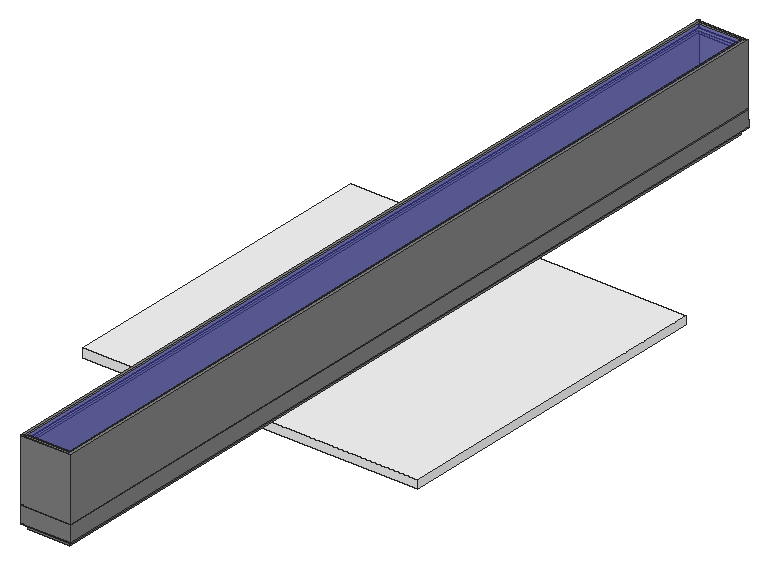
Revit family "BE_24319_de_DE", category Leuchten, Revit 2015
Parameters (values of type "BEGA_24319_Grafit_K4")
  built-in parameter 1150104 = 16.606 (stored number, unit not read)
  Wattage = 32 W
  Default Elevation = 0 mm
  built-in parameter 1150113 = 1 (stored number, unit not read)
  built-in parameter 1114218 = 1 (stored number, unit not read)
  Umgebungstemperatur = "25 °C"
  URL = "http://www.bega.de/produkt/24319"
  Typenkommentare = "© 2017 BEGA. Wir behalten uns das Recht vor, technische Änderungen ohne vorherige Ankündigung vorzunehmen."  # constant formula
  Type Image = 24319.png
  built-in parameter 1150134 = 12
  built-in parameter 1150109 = 1 (stored number, unit not read)
  Strom = ""
  built-in parameter 1150110 = 1 (stored number, unit not read)
  Spannung = 239.996 V
  Sonderanfertigung = no
  Seriennummer [instance] = "Hier können Sie die eindeutige Seriennummer für das Facility Management eintragen."
  Schutzklasse = "I"
  Schutzart = "IP 65"
  Scheinlast = 0 VA
  Produktdatenblatt = "http://www.bega.de/download/Xrfa/db/24319.db.de.pdf"
  Oberflächentemperatur = ""
  Neigungswinkel = 0.00°
  Modell = "24319K4"
  Material_17 = BEGA_Reflektor
  Material_15 = BEGA_Leuchtmedium_matt
  Material_11 = BEGA_Glas_opal
  Material_10 = BEGA_Oberfläche_Aluminium Guss
  Material_09 = BEGA_Glas_klar
  Material_06 = BEGA_Oberfläche_Edelstahl_gebürstet
  Material_03 = BEGA_Oberfläche_Weiss_matt
  Material_02 = BEGA_Oberfläche_Silber_matt
  Material_01 [instance] = BEGA_Oberfläche_Grafit_matt
  M_W = no
  M_G = yes
  M_A = no
  Logo = 0
  built-in parameter 1114217 = 1 (stored number, unit not read)
  built-in parameter 1150139 = (empty or 0)
  built-in parameter 1150105 = 455.18 (stored number, unit not read)
  built-in parameter 1150114 = 1 (stored number, unit not read)
  Lumens = 5720 lm
  built-in parameter 1150115 = 1 (stored number, unit not read)
  Leuchtenlichtstrom = "2082 lm"
  Leuchtenanzahl = ""
  Lebensdauerkriterien = "L70B50 @ 25 °C = 500000 h"
  Lastklassifizierung = Beleuchtung
  built-in parameter 1150112 = 1 (stored number, unit not read)
  Lampenlichtstrom = "5720 lm"
  Lampe = "LED 32 W"
  LED_Modulbezeichnung = "LED-0772/840"
  built-in parameter 1150142 = (empty or 0)
  Hersteller = "BEGA"  # constant formula
  Halbstreuwinkel = ""
  Gewicht = "5.4 kg"
  Gebrauchslageneinschränkung [instance] = ""
  Frequenz = "0/50-60 Hz"
  Farbwiedergabeindex = "Ra > 80"
  Farbtemperaturverschiebung bei Dämpfen der Lampe = <Keine Auswahl>
  Farbtemperatur = "4000 K"
  Color Filter = 16777215
  built-in parameter 1150133 = 10 (stored number, unit not read)
  Energieeffizienzklasse = "LED A++ - A"
  built-in parameter 1150137 = (empty or 0)
  built-in parameter 1150132 = (empty or 0)
  ENEC = ""
  Dimmbar [instance] = "DALI"
  Datei für fotometrisches Netz = "BE_24319K4.IES"
  CE_Konformität = "ja"
  Bestellnummer = "24319K4"
  Beschreibung_Sonderanfertigung = "Hier können Sie Informationen zur Sonderanfertigung eintragen."
  Beschreibung = "Decken- und Wandleuchte"
  built-in parameter 1150106 = 4.5518 (stored number, unit not read)
  Befestigungsbohrung = "Ø 7 mm"
  Befestigungsabstand = "800 mm"
  Ballwurfsicher = ""
  BEGA_Intern_aus = yes
  BEGA_Intern_an = yes
  BEGA_Intern_Konstruktion = yes
  BEGA_Intern = yes
  BEGA_IES = yes
  BEGA_Dummy = no
  Anschlussleitung = ""
  Anschlussleistung [instance] = "36 W"
  Anschlusskasten = ""
  built-in parameter 1150107 = 4000 (stored number, unit not read)
  built-in parameter 1150102 = (empty or 0)
  built-in parameter 1150138 = (empty or 0)
  Aktualisierung = "2017-06-27T04:08:34"
  Abstand_zur_angestrahlten_Fläche [instance] = ""
  AC/DC = "AC/DC"
Types (2, lengths in mm): name | built-in parameter 1150104 | built-in parameter 1150134 | Modell | built-in parameter 1150105 | Lumens | Leuchtenlichtstrom | Lampenlichtstrom | LED_Modulbezeichnung | Farbtemperatur | Datei für fotometrisches Netz | Bestellnummer | built-in parameter 1150106 | built-in parameter 1150107
  BEGA_24319_Grafit_K3 | 16.258 (stored number, unit not read) | (empty or 0) | "24319" | 445.63 (stored number, unit not read) | 5600 lm | "2038 lm" | "5600 lm" | "LED-0772/830" | "3000 K" | "BE_24319.IES" | "24319" | 4.4563 (stored number, unit not read) | 3000 (stored number, unit not read)
  BEGA_24319_Grafit_K4 | 16.606 (stored number, unit not read) | 12 | "24319K4" | 455.18 (stored number, unit not read) | 5720 lm | "2082 lm" | "5720 lm" | "LED-0772/840" | "4000 K" | "BE_24319K4.IES" | "24319K4" | 4.5518 (stored number, unit not read) | 4000 (stored number, unit not read)
Reference planes
  plane 1 "Mitte (Vorne/Hinten)": y = 0
  plane 2: z = 0
  plane 3 "Mitte (Links/Rechts)": x = 0
  plane 4 "Links": x = -30
  plane 5 "Rechts": x = 30
  plane 6 "Unten": y = -506
  plane 7 "Oben": y = 506
  plane 8 "Vorne": z = 101
  plane 9 "Hinten": z = 0
Forms (mm)
  Extrusion 1, solid, material "BEGA_Platte_Weiss"
    sketch origin (0, -1119.2, 0) x (1, 0, 0) y (0, 1, 0)
      loop
        line (-200, 1319.2) -> (-200, 919.2) -> (200, 919.2) -> (200, 1319.2) -> (-200, 1319.2)
    from 0 to -10
  Extrusion 2, solid, material "BEGA_Dummy_matt", visible <- "BEGA_Dummy"
    sketch origin (80.095, -76.023, 0) x (1, 0, 0) y (0, 1, 0)
      loop
        line (-110.095, 582.023) -> (-110.095, -429.977) -> (-50.095, -429.977) -> (-50.095, 582.023) -> (-110.095, 582.023)
    from 0 to 101
Dimensions and locks
  plane 1 "Mitte (Vorne/Hinten)" to Extrusion 1 = 200 mm
  aligned and locked: plane 2 to Extrusion 1
  aligned and locked: level to Extrusion 1
Nested families
  nested 1: "BE_24319" at (0, 0, 0) x (0, 1, 0) z (0, 0, 1), type "BE_24319"
Connectors
  electrical at (0, 0, 0), driven by "Lastklassifizierung", driven by "Spannung", driven by "Scheinlast"
    settings: index 1, voltage 239.996 V, apparent load 0 VA, apparent load phase1 0 VA, apparent load phase2 0 VA, apparent load phase3 0 VA, power factor 1, load classification "Beleuchtung", number of poles 1, system type 31, power factor state 1, is connector primary yes, connector utility no, sub classification motor no, connector description ""
Definition of nested family "BE_24319"
  Parameters (values of type "BE_24319")
    Default Elevation = 1 mm
    URL = "http://www.bega.de/de/produkt"
    Type Comments = "© 2015 BEGA. Wir behalten uns das Recht vor, technische Änderungen ohne vorherige Ankündigung vorzunehmen. "  # constant formula
    Type Image = (empty or 0)
    Neigungswinkel_um_Z2 = 0.00°
    Neigungswinkel_um_Z1 = 0.00°
    Neigungswinkel_um_Y2 = 0.00°
    Neigungswinkel_um_Y1 = 0.00°
    Neigungswinkel_um_X2 = 0.00°
    Neigungswinkel_um_X1 = 0.00°
    Material_17 = none
    Material_15 = none
    Material_11 = none
    Material_09 = none
    Material_06 = none
    Material_05 = none
    Material_03 = none
    Material_02 = none
    Material_01 = none
    M_W = yes
    M_G = yes
    M_A = yes
    Länge_Platte = 1200 mm  # constant formula
    Höhe_Platte = -10 mm  # constant formula
    Manufacturer = "BEGA"  # constant formula
    Drehwinkel_um_Z2 = 0.00°
    Drehwinkel_um_Z1 = 0.00°
    Breite_Platte = 200 mm  # constant formula
  Reference planes
    plane 1 "Mitte (Oben/Unten)": y = 0
    plane 2: z = 0
    plane 3 "Mitte (Links/Rechts)": x = 0
    plane 4: z = 101
    plane 5: y = 30
    plane 6: y = -30
    plane 7: x = -506
    plane 8: x = 506
  Forms (mm)
    Extrusion 1, solid, detail levels medium
      sketch origin (0, 0, 0) x (1, 0, 0) y (0, 1, 0)
        loop
          line (-600, 100) -> (-600, -100) -> (600, -100) -> (600, 100) -> (-600, 100)
      from 0 to -10 <- "Höhe_Platte"
    Sweep 2, solid, material <- "Material_01", detail levels medium+fine
      path origin (0, 0, 0) x (1, 0, 0) y (0, 1, 0)
        loop
          line (-506, 30) -> (-506, -30) -> (506, -30) -> (506, 30) -> (-506, 30)
      profile origin (0, 30, 0) x (0, 1, 0) y (0, 0, 1)
        loop
          line (-0.5, 101) -> (-3.044, 101) -> (-4.682, 96.5) -> (-8, 96.5) -> (-8, 94) -> (-2.8, 94) -> (-2.8, 26) -> (-0.5, 26)
          arc (-0.5, 26) -> (-0.146, 26.146) -> (0, 26.5) r 0.5
          line (0, 26.5) -> (0, 100.5)
          arc (0, 100.5) -> (-0.146, 100.854) -> (-0.5, 101) r 0.5
    Extrusion 3, solid, material <- "Material_01", detail levels medium+fine
      sketch origin (0, 0, 0) x (1, 0, 0) y (0, 0, 1)
        loop
          line (-496, 94) -> (-496, 96.5) -> (-501.8, 96.5) -> (-501.8, 94) -> (-496, 94)
        loop
          line (496, 94) -> (501.8, 94) -> (501.8, 96.5) -> (496, 96.5) -> (496, 94)
      from -22.05 to 22.05
    Extrusion 4, solid, material <- "Material_11", detail levels medium+fine
      sketch origin (0, 0, 0) x (0, 1, 0) y (0, 0, 1)
        loop
          line (25, 96.7) -> (25, 100.7) -> (-25, 100.7) -> (-25, 96.7) -> (25, 96.7)
      from -501 to 501
    Sweep 5, solid, material <- "Material_01", detail levels medium+fine
      path origin (0, 0, 0) x (1, 0, 0) y (0, 1, 0)
        loop
          line (506, 30) -> (-506, 30) -> (-506, -30) -> (506, -30) -> (506, 30)
      profile origin (0, 30, 0) x (0, -1, 0) y (0, 0, 1)
        loop
          arc (0, 6.5) -> (0.146, 6.146) -> (0.5, 6) r 0.5
          line (0.5, 6) -> (5, 6) -> (5, 0) -> (25, 0) -> (25, 10) -> (4, 10) -> (4, 26) -> (0, 26) -> (0, 6.5)
    Extrusion 6, solid, material <- "Material_01", detail levels medium+fine
      sketch origin (0, 0, 0) x (0, 1, 0) y (0, 0, 1)
        loop
          line (5, 10) -> (-5, 10) -> (-5, 0) -> (5, 0) -> (5, 10)
      from 481 to -485.128
    Extrusion 7, void
      sketch origin (0, 0, 0) x (1, 0, 0) y (0, 1, 0)
        loop
          arc (-75, 20) -> (-95, 0) -> (-75, -20) r 20
          line (-75, -20) -> (75, -20)
          arc (75, -20) -> (95, 0) -> (75, 20) r 20
          line (75, 20) -> (-75, 20)
        loop
          arc (395, 3.5) -> (391.5, 0) -> (395, -3.5) r 3.5
          line (395, -3.5) -> (405, -3.5)
          arc (405, -3.5) -> (408.5, 0) -> (405, 3.5) r 3.5
          line (405, 3.5) -> (395, 3.5)
        loop
          arc (-403.5, -5) -> (-400, -8.5) -> (-396.5, -5) r 3.5
          line (-396.5, -5) -> (-396.5, 5)
          arc (-396.5, 5) -> (-400, 8.5) -> (-403.5, 5) r 3.5
          line (-403.5, 5) -> (-403.5, -5)
      from 11.948 to -0.793
    Revolve 8, solid, material <- "Material_06", detail levels fine
      sketch origin (300, 0, 0) x (0, 1, 0) y (0, 0, -1)
        loop
          line (30, -22.75) -> (32.2, -22.75) -> (32.2, -18.8) -> (30, -18.8) -> (30, -22.75)
        axis (30, -18.8) -> (32.2, -18.8)
      angle from 0 to 360
    Revolve 9, solid, material <- "Material_06", detail levels fine
      sketch origin (-300, 0, 0) x (0, 1, 0) y (0, 0, 1)
        loop
          line (30, 22.75) -> (30, 18.8) -> (32.2, 18.8) -> (32.2, 22.75) -> (30, 22.75)
        axis (30, 18.8) -> (32.2, 18.8)
      angle from 0 to 360
  Cuts and joins
    joined: Sweep 2, Extrusion 3
    Extrusion 7 cuts Sweep 5
    Extrusion 7 cuts Extrusion 6
    joined: Sweep 5, Extrusion 6
  Dimensions and locks
    equal spacing: Extrusion 1 sketch curve, plane 3 "Mitte (Links/Rechts)", Extrusion 1 sketch curve
    equal spacing: Extrusion 1 sketch curve, plane 1 "Mitte (Oben/Unten)", Extrusion 1 sketch curve
    "Länge_Platte": Extrusion 1 sketch curve to Extrusion 1 sketch curve
    "Breite_Platte": Extrusion 1 sketch curve to Extrusion 1 sketch curve
    aligned and locked: Extrusion 1 to plane 2
    aligned and locked: level to Extrusion 1
  Automatic sketch dimensions
    Sweep 2 sketch curve to plane 6 = 0 mm
    Sweep 2 sketch curve to plane 5 = 0 mm
    Sweep 2 sketch curve to profile plane = 0 mm
    profile plane to Sweep 2 sketch curve = 0.5 mm
    Sweep 2 sketch curve to Sweep 2 sketch curve = 0.5 mm
    Sweep 2 sketch curve to Sweep 2 sketch curve = 2.3 mm
    Sweep 2 sketch curve to Sweep 2 sketch curve = 2.544 mm
    Sweep 2 sketch curve to Sweep 2 sketch curve = 1.882 mm
    Sweep 2 sketch curve to Sweep 2 sketch curve = 3.318 mm
    level to Sweep 2 sketch curve = 26 mm
    Sweep 2 sketch curve to Sweep 2 sketch curve = 67.5 mm
    Sweep 2 sketch curve to Sweep 2 sketch curve = 2.5 mm
    Sweep 2 sketch curve to Sweep 2 sketch curve = 4 mm
    Extrusion 3 sketch curve to plane 4 = 7 mm  (x2)
    Extrusion 3 sketch curve to Extrusion 3 sketch curve = 5.8 mm  (x2)
    Extrusion 3 sketch curve to Extrusion 3 sketch curve = 2.5 mm  (x2)
    Extrusion 4 sketch curve to plane 6 = 5 mm
    Extrusion 4 sketch curve to plane 4 = 0.3 mm
    Extrusion 4 sketch curve to plane 5 = 5 mm
    Extrusion 4 sketch curve to Extrusion 4 sketch curve = 4 mm
    Sweep 5 sketch curve to plane 5 = 0 mm
    Sweep 5 sketch curve to plane 6 = 0 mm
    Sweep 5 sketch curve to profile plane = 0 mm
    Sweep 5 sketch curve to level = 0 mm
    Sweep 5 sketch curve to Sweep 5 sketch curve = 0.5 mm
    Sweep 5 sketch curve to Sweep 5 sketch curve = 4 mm  (x2)
    Sweep 5 sketch curve to Sweep 5 sketch curve = 1 mm
    Sweep 5 sketch curve to Sweep 5 sketch curve = 20 mm
    Sweep 5 sketch curve to Sweep 5 sketch curve = 6 mm
    Sweep 5 sketch curve to Sweep 5 sketch curve = 16 mm
    Extrusion 6 sketch curve to level = 0 mm
    plane 1 "Mitte (Oben/Unten)" to Extrusion 6 sketch curve = 5 mm
    Extrusion 6 sketch curve to plane 1 "Mitte (Oben/Unten)" = 5 mm
    Extrusion 6 sketch curve to Extrusion 6 sketch curve = 10 mm
    plane 1 "Mitte (Oben/Unten)" to Extrusion 7 sketch curve = 0 mm  (x2)
    plane 1 "Mitte (Oben/Unten)" to Extrusion 7 sketch curve = 5 mm
    Extrusion 7 sketch curve to Extrusion 7 sketch curve = 3.5 mm
    Extrusion 7 sketch curve to plane 6 = 10 mm
    Extrusion 7 sketch curve to plane 3 "Mitte (Links/Rechts)" = 75 mm
    plane 3 "Mitte (Links/Rechts)" to Extrusion 7 sketch curve = 75 mm
    plane 1 "Mitte (Oben/Unten)" to Extrusion 7 sketch curve = 3.5 mm
    Extrusion 7 sketch curve to Extrusion 7 sketch curve = 10 mm
    Extrusion 7 sketch curve to plane 1 "Mitte (Oben/Unten)" = 5 mm
    Revolve 8 sketch curve to plane 5 = 0 mm
    Revolve 8 sketch curve to Revolve 8 sketch curve = 2.2 mm
    level to Revolve 8 sketch curve = 22.75 mm
    Revolve 8 sketch curve to Revolve 8 sketch curve = 3.95 mm
    Revolve 8 sketch curve to plane 5 = 2 mm
    Revolve 8 sketch curve to Revolve 8 sketch curve = 2 mm
    Revolve 8 sketch curve to Revolve 8 sketch curve = 0 mm
    Revolve 9 sketch curve to plane 5 = 0 mm
    Revolve 9 sketch curve to Revolve 9 sketch curve = 2.2 mm
    level to Revolve 9 sketch curve = 18.8 mm
    Revolve 9 sketch curve to Revolve 9 sketch curve = 3.95 mm
    Revolve 9 sketch curve to plane 5 = 2 mm
    Revolve 9 sketch curve to Revolve 9 sketch curve = 2 mm
    Revolve 9 sketch curve to Revolve 9 sketch curve = 0 mm
    Sweep 2 sketch curve to plane 3 "Mitte (Links/Rechts)" = 506 mm
    Extrusion 3 sketch curve to plane 3 "Mitte (Links/Rechts)" = 496 mm
    Sweep 5 sketch curve to plane 3 "Mitte (Links/Rechts)" = 506 mm
    Extrusion 7 sketch curve to Extrusion 7 sketch curve = 321.5 mm
    plane 3 "Mitte (Links/Rechts)" to Sweep 2 sketch curve = 506 mm
    plane 3 "Mitte (Links/Rechts)" to Extrusion 3 sketch curve = 496 mm
    plane 3 "Mitte (Links/Rechts)" to Sweep 5 sketch curve = 506 mm
    Extrusion 7 sketch curve to Extrusion 7 sketch curve = 320 mm
